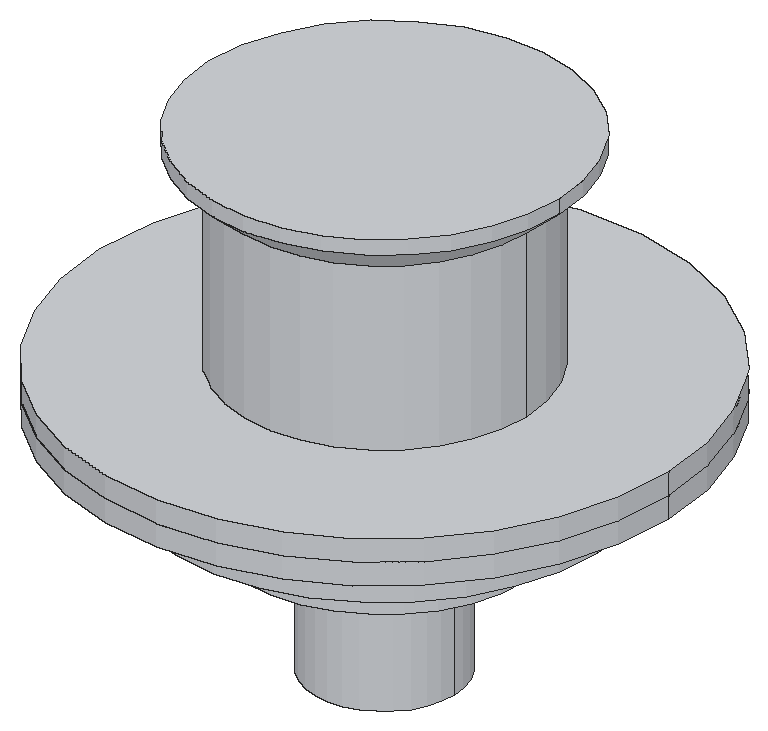
Revit family "f43743f398d941d390831f9dc31dcbec", category Plumbing Fixtures, host Face, Revit 2021
Family settings
  Host = Face
  Round Connector Dimension = Use Radius
  Part Type = Normal
  OmniClass Number = 23.45.55.21
  OmniClass Title = Drains (Wastes)
  Seek Item ID = Floor Drain - Round-0000-USA-ENU
  Cut with Voids When Loaded = No
  Shared = No
  Room Calculation Point = No
Parameters (values of type "5" Strainer - 2" Drain")
  WFU = 2
  Strainer Height = 0' - 3 1/4"
  Strainer Radius = 0' - 2 1/2"
  Strainer Diameter = 2 * Strainer Radius  # 0' - 5"
  Radius 6 = Strainer Radius / 4  # 0' - 0 5/8"
  Radius 5 = Strainer Radius / 4 * 2  # 0' - 1 1/4"
  Radius 4 = Strainer Radius / 4 * 3  # 0' - 1 7/8"
  Radius 2 = (Body Radius - Pipe Radius) / 3 * 2 + Pipe Radius  # 0' - 3.04167"
  Radius 1 = (Body Radius - Pipe Radius) / 3 + Pipe Radius  # 0' - 2.02083"
  Radius 3 = 0.5 * Body Radius  # 0' - 2 1/32"
  Pipe Radius = 1"
  Pipe Diameter = 2 * Pipe Radius  # 2"
  Height 2 = 0.2 * Body Height  # 0' - 0.725"
  Height 1 = 0.5 * Body Height  # 0' - 1 13/16"
  HWFU = 0
  Drain Material = none
  Default Elevation = 0' - 0"
  CWFU = 0
  Body Radius = 0' - 4 1/16"
  Body Height = 0' - 3 5/8"
  Body Diameter = 2 * Body Radius  # 0' - 8 1/8"
Types (16): name | WFU | Strainer Height | Strainer Radius | Strainer Diameter | Radius 6 | Radius 5 | Radius 4 | Radius 2 | Radius 1 | Pipe Radius | Pipe Diameter
  (no name) | 2 | 0' - 3 1/4" | 0' - 2 1/2" | 0' - 5" | 0' - 0 5/8" | 0' - 1 1/4" | 0' - 1 7/8" | 0' - 3.04167" | 0' - 2.02083" | 1" | 2"
  5" Strainer - 2" Drain | 2 | 0' - 3 1/4" | 0' - 2 1/2" | 0' - 5" | 0' - 0 5/8" | 0' - 1 1/4" | 0' - 1 7/8" | 0' - 3.04167" | 0' - 2.02083" | 1" | 2"
  5" Strainer - 3" Drain | 3 | 0' - 3 1/4" | 0' - 2 1/2" | 0' - 5" | 0' - 0 5/8" | 0' - 1 1/4" | 0' - 1 7/8" | 0' - 3.20833" | 0' - 2.35417" | 1 1/2" | 3"
  5" Strainer - 4" Drain | 4 | 0' - 3 1/4" | 0' - 2 1/2" | 0' - 5" | 0' - 0 5/8" | 0' - 1 1/4" | 0' - 1 7/8" | 0' - 3 3/8" | 0' - 2 11/16" | 2" | 4"
  6" Strainer - 2" Drain | 2 | 0' - 3 3/8" | 0' - 3" | 0' - 6" | 0' - 0 3/4" | 0' - 1 1/2" | 0' - 2 1/4" | 0' - 3.04167" | 0' - 2.02083" | 1" | 2"
  8" Strainer - 2" Drain | 2 | 0' - 3 1/4" | 0' - 4" | 0' - 8" | 0' - 1" | 0' - 2" | 0' - 3" | 0' - 3.04167" | 0' - 2.02083" | 1" | 2"
  6" Strainer - 3" Drain | 3 | 0' - 3 3/8" | 0' - 3" | 0' - 6" | 0' - 0 3/4" | 0' - 1 1/2" | 0' - 2 1/4" | 0' - 3.20833" | 0' - 2.35417" | 1 1/2" | 3"
  8" Strainer - 3" Drain | 3 | 0' - 3 1/4" | 0' - 4" | 0' - 8" | 0' - 1" | 0' - 2" | 0' - 3" | 0' - 3.20833" | 0' - 2.35417" | 1 1/2" | 3"
  6" Strainer - 4" Drain | 4 | 0' - 3 3/8" | 0' - 3" | 0' - 6" | 0' - 0 3/4" | 0' - 1 1/2" | 0' - 2 1/4" | 0' - 3 3/8" | 0' - 2 11/16" | 2" | 4"
  8" Strainer - 4" Drain | 4 | 0' - 3 61/256" | 0' - 4" | 0' - 8" | 0' - 1" | 0' - 2" | 0' - 3" | 0' - 3 3/8" | 0' - 2 11/16" | 2" | 4"
  7" Strainer - 2" Drain | 2 | 0' - 3 1/4" | 0' - 3 1/2" | 0' - 7" | 0' - 0 7/8" | 0' - 1 3/4" | 0' - 2 5/8" | 0' - 3.04167" | 0' - 2.02083" | 1" | 2"
  10" Strainer - 2" Drain | 2 | 0' - 3 1/4" | 0' - 5" | 0' - 10" | 0' - 1 1/4" | 0' - 2 1/2" | 0' - 3 3/4" | 0' - 3.04167" | 0' - 2.02083" | 1" | 2"
  7" Strainer - 3" Drain | 3 | 0' - 3 1/4" | 0' - 3 1/2" | 0' - 7" | 0' - 0 7/8" | 0' - 1 3/4" | 0' - 2 5/8" | 0' - 3.20833" | 0' - 2.35417" | 1 1/2" | 3"
  10" Strainer - 3" Drain | 3 | 0' - 3 1/4" | 0' - 5" | 0' - 10" | 0' - 1 1/4" | 0' - 2 1/2" | 0' - 3 3/4" | 0' - 3.20833" | 0' - 2.35417" | 1 1/2" | 3"
  10" Strainer - 4" Drain | 4 | 0' - 3 1/4" | 0' - 5" | 0' - 10" | 0' - 1 1/4" | 0' - 2 1/2" | 0' - 3 3/4" | 0' - 3 3/8" | 0' - 2 11/16" | 2" | 4"
  7" Strainer - 4" Drain | 4 | 0' - 3 1/4" | 0' - 3 1/2" | 0' - 7" | 0' - 0 7/8" | 0' - 1 3/4" | 0' - 2 5/8" | 0' - 3 3/8" | 0' - 2 11/16" | 2" | 4"
Reference planes (in)
  plane 1 "Center (Front/Back)": y = 0
  plane 2: z = 0
  plane 3 "Center (Left/Right)": x = 0
  plane 4: z = -5.0625
  plane 5: z = -4.3375
  plane 6: z = -3.55
  plane 7: z = -6.875
  plane 8: z = -2.95
  plane 9: z = -0.6
  plane 10: z = -0.2
  plane 11 "Strainer Top": z = 0
  plane 12: x = -2.5
  plane 13: x = 2.5
  plane 14: y = 2.5
  plane 15: y = -2.5
  plane 16: z = -3.25
  plane 17: x = -2.03125
  plane 18: z = -36
Forms (in)
  Extrusion 1, solid, material <- "Drain Material"
    sketch origin (0, 0, 0) x (-1, 0, 0) y (0, -1, 0)
      loop
        circle (0, 0) r 1
    from -6.875 to -5.0625
  Extrusion 2, solid, material <- "Drain Material"
    sketch origin (0, 0, 0) x (-1, 0, 0) y (0, -1, 0)
      loop
        circle (0, 0) r 2.02083
    from -5.0625 to -4.3375
  Extrusion 3, solid, material <- "Drain Material"
    sketch origin (0, 0, 0) x (-1, 0, 0) y (0, -1, 0)
      loop
        circle (0, 0) r 3.04167
    from -4.3375 to -3.55
  Extrusion 4, solid, material <- "Drain Material"
    sketch origin (0, 0, 0) x (-1, 0, 0) y (0, -1, 0)
      loop
        circle (0, 0) r 4.0625
    from -3.55 to -3.25
  Extrusion 5, solid, material <- "Drain Material"
    sketch origin (0, 0, 0) x (-1, 0, 0) y (0, -1, 0)
      loop
        circle (0, 0) r 4.0625
    from -3.25 to -2.95
  Extrusion 6, solid, material <- "Drain Material"
    sketch origin (0, 0, 0) x (-1, 0, 0) y (0, -1, 0)
      loop
        circle (0, 0) r 2.03125
    from -2.95 to -0.6
  Revolve 7, solid, material <- "Drain Material"
    sketch origin (0, 0, 0) x (1, 0, 0) y (0, 0, 1)
      loop
        line (0, -0.2) -> (-2.5, -0.2) -> (-2.03125, -0.6) -> (0, -0.6) -> (0, -0.2)
      axis (0, -0.2) -> (0, -0.6)
    angle from 0 to 360
  Extrusion 8, solid, material <- "Drain Material"
    sketch origin (0, 0, 0) x (-1, 0, 0) y (0, -1, 0)
      loop
        circle (0, 0) r 2.5
    from -0.2 to 0
Cuts and joins
  joined: Extrusion 1, Extrusion 2, Extrusion 3, Extrusion 4
  joined: Extrusion 5, Extrusion 6, Revolve 7, Extrusion 8
Lines and regions (in)
  model lines
    curve 1: circle (0, 0, 0) r 2.5 normal (0, 0, 1)
    curve 2: line (-2.5, 0, 0) -> (2.5, 0, 0)
    curve 3: line (0, 2.5, 0) -> (0, -2.5, 0)
    curve 4: circle (0, 0, 0) r 1.875 normal (0, 0, 1)
    curve 5: circle (0, 0, 0) r 1.25 normal (0, 0, 1)
    curve 6: circle (0, 0, 0) r 0.625 normal (0, 0, 1)
Dimensions and locks (in)
  "Height 2": plane 5 to plane 4
  "Height 1": plane 4 to plane 7
  locked: plane 11 "Strainer Top" to plane 10 at 0.2
  plane 11 "Strainer Top" to plane 2 = 0' - 0"
  locked: plane 10 to plane 9 at 0.4
  equal spacing: plane 14, plane 1 "Center (Front/Back)", plane 15
  "Strainer Radius": plane 14 to plane 1 "Center (Front/Back)"
  equal spacing: plane 12, plane 3 "Center (Left/Right)", plane 13
  "Strainer Radius": plane 3 "Center (Left/Right)" to plane 13
  "Strainer Height": plane 11 "Strainer Top" to plane 16
  locked: plane 8 to plane 16 at 0.3
  locked: plane 16 to plane 6 at 0.3
  "Body Height": plane 16 to plane 7
  "Radius 3": plane 3 "Center (Left/Right)" to plane 17
  locked: plane 2 to plane 18 at 36
  "Radius 4": radius of curve 4
  "Radius 5": radius of curve 5
  "Radius 6": radius of curve 6
  "Pipe Radius": radius of Extrusion 1 sketch curve
  "Radius 1": radius of Extrusion 2 sketch curve
  "Radius 2": radius of Extrusion 3 sketch curve
  "Body Radius": radius of Extrusion 4 sketch curve
  "Body Radius": radius of Extrusion 5 sketch curve
  "Radius 3": radius of Extrusion 6 sketch curve
  "Strainer Radius": radius of Extrusion 8 sketch curve
  aligned and locked: plane 2 to host face
  aligned and locked: level to host face
  aligned and locked: plane 3 "Center (Left/Right)" to curve 1
  aligned and locked: plane 1 "Center (Front/Back)" to curve 2
  aligned and locked: curve 3 to plane 3 "Center (Left/Right)"
  aligned and locked: plane 3 "Center (Left/Right)" to curve 4
  aligned and locked: plane 1 "Center (Front/Back)" to curve 4
  aligned and locked: plane 3 "Center (Left/Right)" to curve 5
  aligned and locked: plane 1 "Center (Front/Back)" to curve 5
  aligned and locked: plane 3 "Center (Left/Right)" to curve 6
  aligned and locked: plane 1 "Center (Front/Back)" to curve 6
  aligned and locked: plane 12 to curve 2
  aligned and locked: plane 15 to curve 3
  aligned and locked: plane 1 "Center (Front/Back)" to Extrusion 1 sketch curve
  aligned and locked: plane 3 "Center (Left/Right)" to Extrusion 1 sketch curve
  aligned and locked: Extrusion 1 to plane 7
  aligned and locked: plane 4 to Extrusion 1
  aligned and locked: plane 1 "Center (Front/Back)" to Extrusion 2 sketch curve
  aligned and locked: plane 3 "Center (Left/Right)" to Extrusion 2 sketch curve
  aligned and locked: Extrusion 2 to plane 4
  aligned and locked: plane 5 to Extrusion 2
  aligned and locked: plane 1 "Center (Front/Back)" to Extrusion 3 sketch curve
  aligned and locked: plane 3 "Center (Left/Right)" to Extrusion 3 sketch curve
  aligned and locked: Extrusion 3 to plane 5
  aligned and locked: plane 6 to Extrusion 3
  aligned and locked: plane 1 "Center (Front/Back)" to Extrusion 4 sketch curve
  aligned and locked: plane 3 "Center (Left/Right)" to Extrusion 4 sketch curve
  aligned and locked: Extrusion 4 to plane 6
  aligned and locked: plane 16 to Extrusion 4
  aligned and locked: plane 1 "Center (Front/Back)" to Extrusion 5 sketch curve
  aligned and locked: plane 3 "Center (Left/Right)" to Extrusion 5 sketch curve
  aligned and locked: Extrusion 5 to plane 16
  aligned and locked: plane 8 to Extrusion 5
  aligned and locked: plane 1 "Center (Front/Back)" to Extrusion 6 sketch curve
  aligned and locked: plane 3 "Center (Left/Right)" to Extrusion 6 sketch curve
  aligned and locked: Extrusion 6 to plane 8
  aligned and locked: plane 9 to Extrusion 6
  aligned and locked: Revolve 7 sketch curve to plane 3 "Center (Left/Right)"  (x2)
  aligned and locked: plane 9 to Revolve 7 sketch curve
  aligned and locked: Revolve 7 sketch curve to plane 9
  aligned and locked: Revolve 7 sketch curve to plane 10
  aligned and locked: plane 17 to Revolve 7 sketch curve
  aligned and locked: plane 12 to Revolve 7 sketch curve
  aligned and locked: plane 10 to Revolve 7 sketch curve
  aligned and locked: plane 1 "Center (Front/Back)" to Extrusion 8 sketch curve
  aligned and locked: plane 3 "Center (Left/Right)" to Extrusion 8 sketch curve
  aligned and locked: Extrusion 8 to plane 10
  aligned and locked: plane 11 "Strainer Top" to Extrusion 8
Automatic sketch dimensions
  host sketch curve to host sketch curve = 8' - 0"  (x2)
  level to Revolve 7 sketch curve = 0' - 1 1/4"
  Revolve 7 sketch curve to Revolve 7 sketch curve = 0' - 0 1/2"
Connectors (in)
  piping at (0, 0, -6.875), diameter 2, driven by "WFU", driven by "Pipe Radius"
    settings: on cut or joined group of Extrusion 1, Extrusion 2, Extrusion 3, Extrusion 4, index 1, connector inside diameter 2", connector length 0' - 0", flow factor 0, pipe flow 0 GPM, pressure drop 0.00 psi, fitting loss kfactor 0, connector angle 0.00°, fixture units 2, engagement length 0' - 0", angle of deflection 0.00°, flow configuration 3, flow direction 2, fitting loss method 0, system type 16, joint type 0, gender type 0, connector reference index -1, connector utility 0, adjustable connector no, is connector primary yes, connector description "Out"
